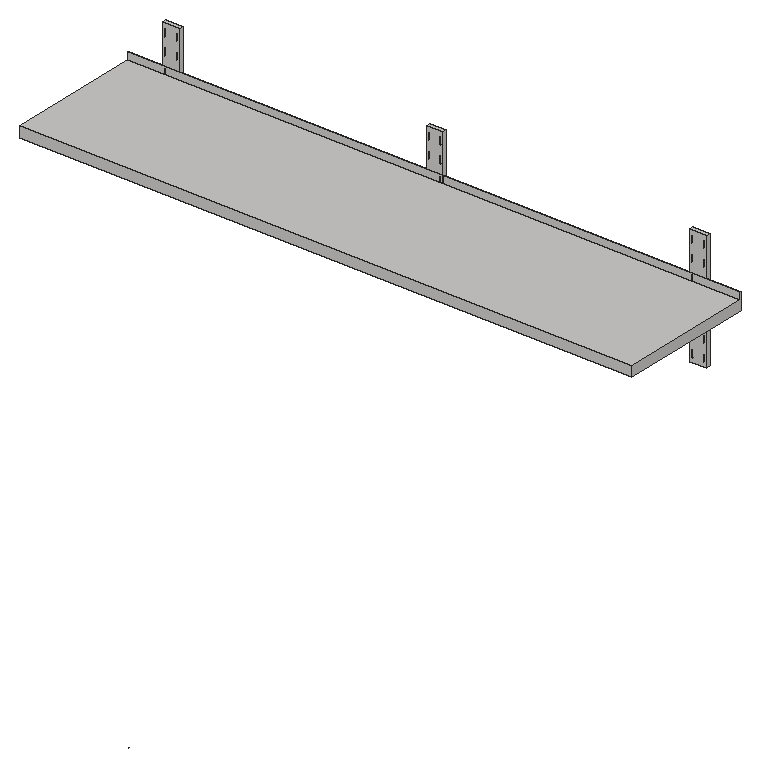
Revit family "QF_ELECTROLUXPROFESSIONAL_134152_GGWSS184", category Attrezzature speciali, Revit 2020
Family settings
  Quota connettore circolare = Usa diametro
  Tipo di parte = Normale
  Basato su piano di lavoro = No
  Sempre verticale = Sì
  Taglio con vuoti quando caricato = No
  Condiviso = No
  Punto di calcolo locali = No
Parameters (values of type "Standard")
  Weight = 10.40 kg
  Watts = 0 W
  Volts = 0 V
  URL Manufacturer = "https://www.electroluxprofessional.com/"
  URL = "https://www.electroluxprofessional.com/"
  Steam Supply Size = 0 mm
  Steam Supply Minimum Pressure = 0.0 Pa
  Steam Supply Maximum Pressure = 0.0 Pa
  Steam Consumption per Hour = 0
  Refrigeration Suction Line Size = 0.0 mm
  Refrigeration Liquid Line Size = 0.0 mm
  Refrigerant Compressor Remote = yes
  Prospetto di default = 0.0 mm
  Phase = 0
  Modello = "GGWSS184"
  Produttore = "Electrolux Professional"
  Length Actual = 1800.0 mm  # constant formula
  Item Number = "134152"
  Hot Water Size = 0 mm
  Height Actual = 350.0 mm  # constant formula
  HP = "0 HP"
  Gas Size = 0 mm
  Gas KW = 0
  Gas Input Pressure = 0 W
  Direct Waste Size = 0 mm
  Descrizione = "SOLID WALL SHELF WITH BRACKETS 1800 MM"
  Depth Actual = 415.0 mm  # constant formula
  Cycle = 0 Hz
  Condensate Return Size = 0 mm
  Compressed Air Volume = 0.0 L/s
  Compressed Air Size = 0 mm
  Compressed Air Pressure = 0.0 Pa
  Cold Water Size = 0 mm
  Accessory = yes
Reference planes
  plane 1 "Center (Front/Back)": y = 0
  plane 2: z = 0
  plane 3 "Center (Left/Right)": x = 0
  plane 4 "LEFT": x = -900
  plane 5 "RIGHT": x = 900
  plane 6 "BACK": y = 65
  plane 7 "FRONT": y = -350
  plane 8 "TOP": z = 1948
  plane 9 "base": z = 1598
  plane 10 "Ztop": z = 1815
  plane 11: x = -800
  plane 12: x = 800
Forms (mm)
  Extrusion 1, solid, material "QF_Finishes_Stainless Steel"
    sketch origin (0, 0, 0) x (0, 1, 0) y (0, 0, 1)
      loop
        line (53, 1785) -> (53, 1835) -> (51, 1835) -> (51, 1815) -> (-347.004, 1815) -> (-347.004, 1785) -> (53, 1785)
    from 900 to -900
  Extrusion 2, solid, material "QF_Finishes_Stainless Steel"
    sketch origin (0, 0, 0) x (1, 0, 0) y (0, 1, 0)
      loop
        line (-900, 53) -> (-900, 52) -> (-898.993, 52) -> (-898.993, 53) -> (-900, 53)
    from 0 to 1
Lines and regions (mm)
  symbolic lines
    curve 1: line (-900, 53, 1948) -> (-900, -347.004, 1948)
    curve 2: line (900, 53, 1948) -> (900, -347.004, 1948)
    curve 3: line (-900, 51, 1948) -> (900, 51, 1948)
    curve 4: line (900, 53, 1948) -> (-900, 53, 1948)
    curve 5: line (-900, -347.004, 1948) -> (900, -347.004, 1948)
Dimensions and locks
  plane 4 "LEFT" to plane 5 "RIGHT" = 1800.0 mm
  equal spacing: plane 4 "LEFT", plane 3 "Center (Left/Right)", plane 5 "RIGHT"
  plane 6 "BACK" to plane 7 "FRONT" = 415.0 mm
  plane 6 "BACK" to plane 1 "Center (Front/Back)" to plane 7 "FRONT" = 65.0 mm, 350.0 mm
  locked: plane 8 "TOP" to plane 9 "base" at 350
  plane 10 "Ztop" to level = 1815.0 mm
  locked: plane 10 "Ztop" to plane 8 "TOP" at 133
  locked: plane 11 to plane 4 "LEFT" at 100
  locked: plane 5 "RIGHT" to plane 12 at 100
  aligned and locked: level to plane 2
  aligned and locked: Extrusion 1 to plane 4 "LEFT"
  aligned and locked: plane 5 "RIGHT" to Extrusion 1
  aligned and locked: nested 1 to plane 11
  aligned and locked: plane 12 to nested 2
  aligned and locked: curve 3 to Extrusion 1
  aligned and locked: curve 4 to Extrusion 1
  aligned and locked: curve 5 to Extrusion 1
  aligned and locked: plane 3 "Center (Left/Right)" to nested 3
Automatic sketch dimensions
  plane 7 "FRONT" to Extrusion 1 sketch curve = 2.996 mm
  plane 10 "Ztop" to Extrusion 1 sketch curve = 30.0 mm
  Extrusion 1 sketch curve to plane 10 "Ztop" = 20.0 mm
  Extrusion 1 sketch curve to Extrusion 1 sketch curve = 2.0 mm
  plane 10 "Ztop" to Extrusion 1 sketch curve = 0.0 mm
  Extrusion 1 sketch curve to plane 6 "BACK" = 12.0 mm
  curve 2 to plane 5 "RIGHT" = 0.0 mm
  curve 1 to plane 4 "LEFT" = 0.0 mm
  Extrusion 2 sketch curve to plane 4 "LEFT" = 0.0 mm
  plane 4 "LEFT" to Extrusion 2 sketch curve = 1.007 mm
  Extrusion 2 sketch curve to plane 6 "BACK" = 13.0 mm
  Extrusion 2 sketch curve to Extrusion 2 sketch curve = 1.0 mm
Nested families
  nested 1: "WT_Staffa_H350" at (-785.291, -40.275, 1598), type "WT_Staffa_H350"
    with Type Mark "", Status "", Specification by User "", Revision Code "", Installed By "", Identify Quantity as Lot yes, Furnished By "", Foodservice Equipment Identifier yes
  nested 2: "WT_Staffa_H350" at (765.709, -40.275, 1598), type "WT_Staffa_H350"
    with Type Mark "", Status "", Specification by User "", Revision Code "", Installed By "", Identify Quantity as Lot yes, Furnished By "", Foodservice Equipment Identifier yes
  nested 3: "WT_Staffa_H350" at (-9.791, -40.275, 1598), type "WT_Staffa_H350"
    with Type Mark "", Status "", Specification by User "", Revision Code "", Installed By "", Identify Quantity as Lot yes, Furnished By "", Foodservice Equipment Identifier yes
Definition of nested family "WT_Staffa_H350"
  Parameters
    Width = 49.0 mm
    Weight = ""
    URL Manufacturer = ""
    URL Cutsheet = ""
    URL = ""
    Type Mark [instance] = ""
    Status [instance] = ""
    Specification by User [instance] = ""
    Specification by Manufacturer = ""
    Serial Number = ""
    Seismic Rating = ""
    SMACNA No = ""
    Revision Code [instance] = ""
    Default Elevation = 0.0 mm
    Omniclass Number and Title = ""
    NAFEM Spec ID Number = ""
    Model = ""
    MasterSpec. = ""
    Manufacturer = ""
    Installed By [instance] = ""
    Identify Quantity as Lot [instance] = yes
    Height = 350.0 mm
    Furnished By [instance] = ""
    Foodservice Equipment Identifier [instance] = yes
    Description = ""
    Depth = 415.0 mm
    CSI MasterFormat = ""
    CSI Master Format = ""
    Assembly Code = ""
  Reference planes
    plane 1: z = 0
    plane 2 "Center (Front/Back)": y = -102.225
    plane 3 "Center (Left/Right)": x = 9.791
    plane 4 "TOP": z = 350
    plane 5 "Back": y = 105.275
    plane 6 "Front": y = -309.725
    plane 7: x = -14.709
    plane 8: x = 34.291
  Forms (mm)
    Extrusion 1, solid
      sketch origin (0, 105.275, 0) x (0, 0, 1) y (-1, 0, 0)
        loop
          line (350, 14.709) -> (0, 14.709) -> (0, -34.291) -> (350, -34.291) -> (350, 14.709)
        loop
          line (335.5, 7.709) -> (315.5, 7.709) -> (315.5, 5.709) -> (335.5, 5.709) -> (335.5, 7.709)
        loop
          line (335.5, -25.291) -> (315.5, -25.291) -> (315.5, -27.291) -> (335.5, -27.291) -> (335.5, -25.291)
        loop
          line (285.333, 7.709) -> (265.333, 7.709) -> (265.333, 5.709) -> (285.333, 5.709) -> (285.333, 7.709)
        loop
          line (285.333, -25.291) -> (265.333, -25.291) -> (265.333, -27.291) -> (285.333, -27.291) -> (285.333, -25.291)
        loop
          line (235.167, 7.709) -> (215.167, 7.709) -> (215.167, 5.709) -> (235.167, 5.709) -> (235.167, 7.709)
        loop
          line (235.167, -25.291) -> (215.167, -25.291) -> (215.167, -27.291) -> (235.167, -27.291) -> (235.167, -25.291)
        loop
          line (185, 7.709) -> (165, 7.709) -> (165, 5.709) -> (185, 5.709) -> (185, 7.709)
        loop
          line (185, -25.291) -> (165, -25.291) -> (165, -27.291) -> (185, -27.291) -> (185, -25.291)
        loop
          line (134.833, 7.709) -> (114.833, 7.709) -> (114.833, 5.709) -> (134.833, 5.709) -> (134.833, 7.709)
        loop
          line (134.833, -25.291) -> (114.833, -25.291) -> (114.833, -27.291) -> (134.833, -27.291) -> (134.833, -25.291)
        loop
          line (34.5, 7.709) -> (14.5, 7.709) -> (14.5, 5.709) -> (34.5, 5.709) -> (34.5, 7.709)
        loop
          line (34.5, -25.291) -> (14.5, -25.291) -> (14.5, -27.291) -> (34.5, -27.291) -> (34.5, -25.291)
        loop
          line (84.667, 7.709) -> (64.667, 7.709) -> (64.667, 5.709) -> (84.667, 5.709) -> (84.667, 7.709)
        loop
          line (84.667, -25.291) -> (64.667, -25.291) -> (64.667, -27.291) -> (84.667, -27.291) -> (84.667, -25.291)
      from 0 to 12
    Extrusion 2, solid
      sketch origin (9.791, 0, 0) x (0, 1, 0) y (0, 0, 1)
        loop
          line (-283.619, 186) -> (93.275, 123.5) -> (93.275, 186) -> (-283.619, 186)
      from -24.5 to 24.5
  Lines and regions (mm)
    symbolic lines
      curve 1: line (-14.709, 105.275, 0) -> (34.291, 105.275, 0)
      curve 2: line (34.291, 105.275, 0) -> (34.291, 93.275, 0)
      curve 3: line (34.291, 93.275, 0) -> (-14.709, 93.275, 0)
      curve 4: line (-14.709, 93.275, 0) -> (-14.709, 105.275, 0)
  Dimensions and locks
    "Height": plane 4 "TOP" to level
    equal spacing: plane 5 "Back", plane 2 "Center (Front/Back)", plane 6 "Front"
    "Depth": plane 5 "Back" to plane 6 "Front"
    equal spacing: plane 8, plane 3 "Center (Left/Right)", plane 7
    "Width": plane 8 to plane 7
    aligned and locked: level to plane 1
    aligned and locked: Extrusion 2 to plane 7
    aligned and locked: plane 8 to Extrusion 2
  Automatic sketch dimensions
    Extrusion 1 sketch curve to level = 0.0 mm
    Extrusion 1 sketch curve to plane 4 "TOP" = 0.0 mm
    Extrusion 1 sketch curve to plane 8 = 0.0 mm
    Extrusion 1 sketch curve to plane 7 = 0.0 mm
    plane 7 to Extrusion 1 sketch curve = 7.0 mm  (x4)
    level to Extrusion 1 sketch curve = 14.5 mm  (x2)
    Extrusion 1 sketch curve to plane 8 = 7.0 mm  (x6)
    plane 7 to Extrusion 1 sketch curve = 9.0 mm  (x6)
    Extrusion 1 sketch curve to Extrusion 1 sketch curve = 20.0 mm  (x12)
    Extrusion 1 sketch curve to plane 8 = 9.0 mm  (x6)
    Extrusion 1 sketch curve to Extrusion 1 sketch curve = 30.167 mm  (x12)
    Extrusion 1 sketch curve to plane 4 "TOP" = 14.5 mm  (x2)
    Extrusion 1 sketch curve to Extrusion 1 sketch curve = 2.0 mm  (x6)
    Extrusion 2 sketch curve to plane 6 "Front" = 26.106 mm
    level to Extrusion 2 sketch curve = 123.5 mm
    Extrusion 2 sketch curve to plane 4 "TOP" = 164.0 mm
    plane 5 "Back" to Extrusion 2 sketch curve = 12.0 mm
    curve 3 to plane 7 = 0.0 mm
    plane 5 "Back" to curve 1 = 0.0 mm
    curve 3 to plane 8 = 0.0 mm
    curve 2 to curve 1 = 12.0 mm
